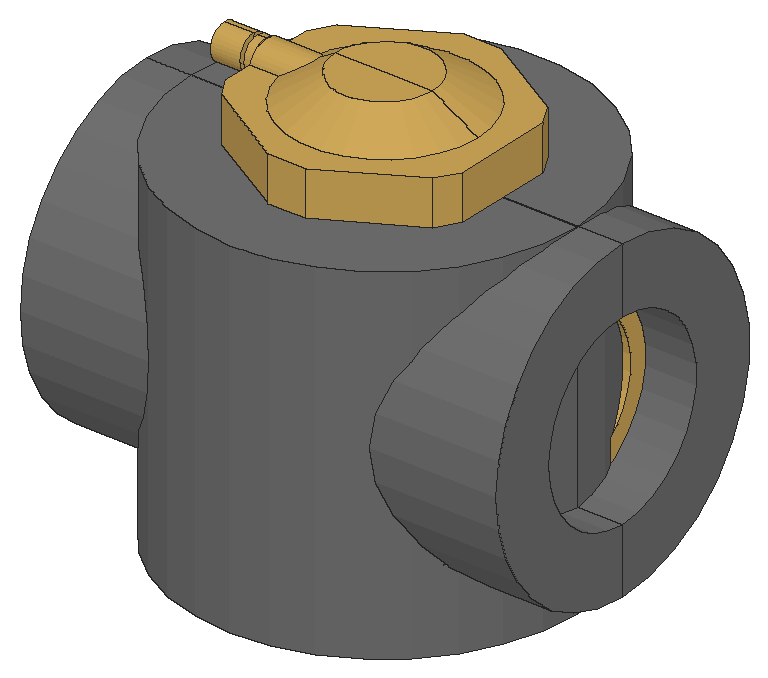
Revit family "Differenzdruckregler 4202 FIX 23kPa", category Rohrzubehör, Revit 2018
Family settings
  Bemaßung runder Anschluss = Durchmesser verwenden
  Teiletyp = Unterbricht
  OmniClass-Nummer = 23.65.55.14
  OmniClass-Titel = Valves for Liquid Services
  Arbeitsebenenbasiert = Nein
  Immer vertikal = Ja
  Beim Laden mit Abzugskörper schneiden = Nein
  Gemeinsam genutzt = Nein
Parameters (values of type "Mit Dämmung")
  y2 [instance] = K14 + K9 + H01  # 76.149 mm
  y1 [instance] = (R03 * 2) + R05  # 140.000 mm
  Min. Betriebstemperatur (Frostschutz) = -20 °C  # constant formula
  Max. zulässige Betriebstemperatur bis DN32 = 130 °C  # constant formula
  Max. zulässige Betriebstemperatur DN40 - DN50 = 110 °C  # constant formula
  Max. Differenzdruck am Gehäuse = 400000.0 Pa  # constant formula
  Max. Betriebsdruck = 2500000.0 Pa  # constant formula
  Ventilschaft = "Edelstahl 14301"  # constant formula
  URL = "www.herz-armaturen.at"
  SCRNSEQ = "ARM;ARM_TYP=\"DIFR\";2"
  SCRNCODE = "05;03;4"  # constant formula
  S06 [instance] = 1.000 mm  # constant formula
  S05 [instance] = S01 - 1.000 mm  # 27.500 mm
  S04 [instance] = S02 - 1.000 mm  # 27.000 mm
  S03 [instance] = size_lookup("4202_FIX_23", "S03", 26.500 mm, Nennweite)  # 37.700 mm
  S02 [instance] = size_lookup("4202_FIX_23", "S02", 19.000 mm, Nennweite)  # 28.000 mm
  S01 [instance] = size_lookup("4202_FIX_23", "S01", 17.250 mm, Nennweite)  # 28.500 mm
  Regleranschlussmutter = "Messing CW614N"  # constant formula
  Regelbereich = "FIX 23kPa"  # constant formula
  R06 [instance] = size_lookup("4202_FIX_23", "R06", 14.500 mm, Nennweite)  # 14.500 mm
  R05 [instance] = size_lookup("4202_FIX_23", "R05", 46.000 mm, Nennweite)  # 106.000 mm
  R04 [instance] = size_lookup("4202_FIX_23", "R04", 12.500 mm, Nennweite)  # 14.500 mm
  R03 [instance] = size_lookup("4202_FIX_23", "R03", 10.000 mm, Nennweite)  # 17.000 mm
  R02 = 14.500 mm  # constant formula
  R01 [instance] = size_lookup("4202_FIX_23", "R01", 12.500 mm, Nennweite)  # 33.500 mm
  Min. Betriebstemperatur (reines Wasser) = 2 °C  # constant formula
  O-Ringe = "EPDM"  # constant formula
  Nennweite [instance] = 50.000 mm
  Membrangehäuse = "Messing CW602N"  # constant formula
  Membrane = "EPDM"  # constant formula
  Medium = "Wasserbeschaffenheit nach ÖNORM H 5195 und VDI 2035\r\nDie Verwendung von Ethylen- und Propylenglykol ist im\r\nMischungsverhältnis 25 - 50 Vol.-% zulässig."
  L2 [instance] = size_lookup("4202_FIX_23", "L2", 161.000 mm, Nennweite)  # 216.500 mm
  L [instance] = size_lookup("4202_FIX_23", "L", 66.000 mm, Nennweite)  # 140.000 mm
  K9 = 4.000 mm  # constant formula
  K8 = 55.000 mm  # constant formula
  K7 = 8.700 mm  # constant formula
  K6 = 11.700 mm  # constant formula
  K5 = 13.000 mm  # constant formula
  K4 = 12.000 mm  # constant formula
  K3 = 15.000 mm  # constant formula
  K2 = 2.350 mm  # constant formula
  K18 = 89.000 mm  # constant formula
  K17 = 66.700 mm  # constant formula
  K16 = 3.000 mm  # constant formula
  K15 = 26.649 mm  # constant formula
  K14 = 16.649 mm  # constant formula
  K13 = 16.649 mm  # constant formula
  K12 = 10.000 mm  # constant formula
  K11 = 35.000 mm  # constant formula
  K10 = 18.250 mm  # constant formula
  K1.1 = 2.350 mm  # constant formula
  K1 = 7.651 mm  # constant formula
  J9 = 15.700 mm  # constant formula
  J8 = 7.850 mm  # constant formula
  J7 = 15.897 mm  # constant formula
  J6 = 3.900 mm  # constant formula
  J5 = 6.500 mm  # constant formula
  J4 = 1.500 mm  # constant formula
  J3 = 3.200 mm  # constant formula
  J2 = 11.000 mm  # constant formula
  J11 = 3.500 mm  # constant formula
  J10 = 18.897 mm  # constant formula
  J1 = 6.500 mm  # constant formula
  Hersteller = "HERZ-Armaturen Ges.m.b.H"  # constant formula
  H2 [instance] = size_lookup("4202_FIX_23", "H2", 28.000 mm, Nennweite)  # 58.000 mm
  H1 [instance] = K1 + K2 + K3 + K4 + K5 + K7 + K8 + K16 + 16.650 mm  # 133.351 mm
  H04 = 4.000 mm  # constant formula
  H03 = 9.800 mm  # constant formula
  H02 [instance] = size_lookup("4202_FIX_23", "H02", 53.000 mm, Nennweite)  # 107.000 mm
  H01 [instance] = size_lookup("4202_FIX_23", "H01", 25.000 mm, Nennweite)  # 55.500 mm
  Gehäuse = "DZR Messing CC770S"  # constant formula
  G03 [instance] = size_lookup("4202_FIX_23", "G03", 13.200 mm, Nennweite)  # 23.400 mm
  G02 [instance] = size_lookup("4202_FIX_23", "G02", 9.500 mm, Nennweite)  # 28.325 mm
  G01 [instance] = size_lookup("4202_FIX_23", "G01", 13.500 mm, Nennweite)  # 35.000 mm
  Hinweise zum Material = "Gemäß Art 33 der REACH-Verordnung (EG Nr. 1907/2006) sind wir verpflichtet, darauf hinzuweisen,\r\ndass der Stoff Blei auf der SVHC-Liste geführt wird und dass alle aus Messing bestehenden Bauteile,\r\ndie in unseren Erzeugnissen verarbeitet sind, mehr als 0,1 % (w/w) Blei (CAS: 7439-92-1 / EINECS:\r\n231-100-4) enthalten. Da Blei als Legierungsbestandteil fest gebunden ist, sind keine Expositionen zu\r\nerwarten und daher sind keine zusätzlichen Angaben zur sicheren Verwendung notwendig.\r\n\r\nIm Hanf enthaltenes Ammoniak schädigt\r\nMessingventilgehäuse, EPDM Dichtungen werden durch\r\nMineralöle bzw. mineralölhaltige Schmierstoffe aufgequollen\r\nund führen somit zum Ausfall der EPDM-Dichtungen. Für\r\nFrost- und Korrosionsschutzmittel auf der Basis von Ethylen- und Propylenglykol sind die entsprechenden\r\nAngaben den Unterlagen des Herstellers zu entnehmen."
  Dämmung = yes
  Dämmschale = "EPP (expandiertes Polypropylen)"  # constant formula
  Druckfeder = "Federstahl, rost-und säurebeständig"  # constant formula
  DN50 [instance] = Nennweite = 50.000 mm  # yes
  DN40 [instance] = Nennweite = 40.000 mm  # no
  DN32-40 [instance] = or(Nennweite = 32.000 mm, Nennweite = 40.000 mm)  # no
  DN32 [instance] = Nennweite = 32.000 mm  # no
  DN25,32,40 [instance] = or(Nennweite = 25.000 mm, Nennweite = 32.000 mm, Nennweite = 40.000 mm)  # no
  DN25 [instance] = Nennweite = 25.000 mm  # no
  DN20 [instance] = Nennweite = 20.000 mm  # no
  DN15-25 [instance] = or(Nennweite = 15.000 mm, Nennweite = 20.000 mm, Nennweite = 25.000 mm)  # no
  DN15,20,50 [instance] = or(Nennweite = 15.000 mm, Nennweite = 20.000 mm, Nennweite = 50.000 mm)  # yes
  DN15 [instance] = Nennweite = 15.000 mm  # no
  D07 [instance] = if(Nennweite = 15.000 mm, 32.500 mm, if(Nennweite = 20.000 mm, 33.500 mm, if(Nennweite = 25.000 mm, 33.500 mm, if(Nennweite = 32.000 mm, 49.500 mm, if(Nennweite = 40.000 mm, 59.500 mm, if(Nennweite = 50.000 mm, 59.500 mm, 0.000 mm))))))  # 59.500 mm
  D06 [instance] = if(Nennweite = 15.000 mm, 32.500 mm, if(Nennweite = 20.000 mm, 33.500 mm, if(Nennweite = 25.000 mm, 33.500 mm, if(Nennweite = 32.000 mm, 49.500 mm, if(Nennweite = 40.000 mm, 59.500 mm, if(Nennweite = 50.000 mm, 59.500 mm, 0.000 mm))))))  # 59.500 mm
  D05 [instance] = if(Nennweite = 15.000 mm, 36.750 mm, if(Nennweite = 20.000 mm, 40.700 mm, if(Nennweite = 25.000 mm, 49.200 mm, if(Nennweite = 32.000 mm, 54.150 mm, if(Nennweite = 40.000 mm, 60.750 mm, if(Nennweite = 50.000 mm, 72.700 mm, 0.000 mm))))))  # 72.700 mm
  D04 [instance] = if(Nennweite = 15.000 mm, 78.500 mm, if(Nennweite = 20.000 mm, 82.000 mm, if(Nennweite = 25.000 mm, 84.000 mm, if(Nennweite = 32.000 mm, 120.000 mm, if(Nennweite = 40.000 mm, 130.000 mm, if(Nennweite = 50.000 mm, 130.500 mm, 0.000 mm))))))  # 130.500 mm
  D03 [instance] = if(Nennweite = 15.000 mm, 96.000 mm, if(Nennweite = 20.000 mm, 110.000 mm, if(Nennweite = 25.000 mm, 112.000 mm, if(Nennweite = 32.000 mm, 152.000 mm, if(Nennweite = 40.000 mm, 170.000 mm, if(Nennweite = 50.000 mm, 179.000 mm, 0.000 mm))))))  # 179.000 mm
  D02 [instance] = size_lookup("4202_FIX_23", "R05", 41.000 mm, Nennweite)  # 106.000 mm
  D01 [instance] = size_lookup("4202_FIX_23", "G01", 13.220 mm, Nennweite)  # 35.000 mm
  Bestellnummer Dämmung [instance] = if(and(Dämmung, Nennweite = 15.000 mm), 1409611, if(and(Dämmung, Nennweite = 20.000 mm), 1409612, if(and(Dämmung, Nennweite = 25.000 mm), 1409613, if(and(Dämmung, Nennweite = 32.000 mm), 1409614, if(and(Dämmung, Nennweite = 40.000 mm), 1409615, if(and(Dämmung, Nennweite = 50.000 mm), 1409616, 0))))))  # 1409616
  Bestellnummer [instance] = if(Nennweite = 15.000 mm, 1420221, if(Nennweite = 20.000 mm, 1420222, if(Nennweite = 25.000 mm, 1420223, if(Nennweite = 32.000 mm, 1420224, if(Nennweite = 40.000 mm, 1420225, if(Nennweite = 50.000 mm, 1420226, 0))))))  # 1420226
  B2 [instance] = size_lookup("4202_FIX_23", "B2", 31.000 mm, Nennweite)  # 41.000 mm
  B1 [instance] = size_lookup("4202_FIX_23", "B1", 26.000 mm, Nennweite)  # 41.000 mm
  B04 = 100.649 mm  # constant formula
  B03 = 44.500 mm  # constant formula
  B02 = 104.688 mm  # constant formula
  B01 = 10.000 mm  # constant formula
  Anwendungsgebiet = "Der Differenzdruckregler ist ein Regler mit linearer Kennlinie in Geradsitzausführung und arbeitet ohne Hilfsenergie. Der Differenzdruck-Sollwert beträgt 23 kPa, 50 kPa bzw 13 kPa. Im Lieferumfang enthalten ist die Impulsleitung (1000 mm), diese ist mit einem Strangregulierventil im Vorlauf zu verbinden."
  Anschlussnippel = "Messing CW602N"  # constant formula
Types (3, lengths in mm): name | y2 | y1 | S05 | S04 | S03 | S02 | S01 | R05 | R04 | R03 | R01 | Nennweite | L2 | L | H2 | H02 | H01 | G03 | G02 | G01 | Dämmung | DN50 | DN15-25 | DN15 | D07 | D06 | D05 | D04 | D03 | D02 | D01 | Bestellnummer Dämmung | Bestellnummer | B2 | B1
  (no name) | 76.149 | 140.000 | 27.500 | 27.000 | 37.700 | 28.000 | 28.500 | 106.000 | 14.500 | 17.000 | 33.500 | 50.000 | 216.500 | 140.000 | 58.000 | 107.000 | 55.500 | 23.400 | 28.325 | 35.000 | yes | yes | no | no | 59.500 | 59.500 | 72.700 | 130.500 | 179.000 | 106.000 | 35.000 | 1409616 | 1420226 | 41.000 | 41.000
  Mit Dämmung | 76.149 | 140.000 | 27.500 | 27.000 | 37.700 | 28.000 | 28.500 | 106.000 | 14.500 | 17.000 | 33.500 | 50.000 | 216.500 | 140.000 | 58.000 | 107.000 | 55.500 | 23.400 | 28.325 | 35.000 | yes | yes | no | no | 59.500 | 59.500 | 72.700 | 130.500 | 179.000 | 106.000 | 35.000 | 1409616 | 1420226 | 41.000 | 41.000
  Ohne Dämmung | 49.149 | 66.000 | 16.250 | 18.000 | 25.600 | 19.000 | 17.250 | 46.000 | 12.500 | 10.000 | 12.500 | 15.000 | 161.000 | 66.000 | 28.000 | 53.000 | 28.500 | 13.200 | 9.500 | 13.500 | no | no | yes | yes | 32.500 | 32.500 | 36.750 | 78.500 | 96.000 | 46.000 | 13.500 | 0 | 1420221 | 31.000 | 26.000
Reference planes
  plane 1 "Mitte (Vorne/hinten)": y = 0
  plane 2: z = 0
  plane 3 "Mitte (Links/rechts)": x = 0
Forms (mm)
  Revolve 1, solid, material "Messing, weicher Gelbton, geschweißt", detail levels fine
    sketch origin (0, 0, 0) x (1, 0, 0) y (0, 0, 1)
      loop
        line (-46.6, 0) -> (46.6, 0) -> (46.6, 28.325) -> (70, 28.325) -> (70, 35) -> (53, 35) -> (53, 33.5) -> (-53, 33.5) -> (-53, 35) -> (-70, 35) -> (-70, 28.325) -> (-46.6, 28.325) -> (-46.6, 0)
      axis (-70, 0) -> (70, 0)
    angle from 0 to 360
  Revolve 2, solid, material "Messing, weicher Gelbton, geschweißt", detail levels fine
    sketch origin (0, 0, 0) x (1, 0, 0) y (0, 0, 1)
      loop
        line (0, -58) -> (0, 0) -> (-27, 0) -> (-27, -48.2) -> (-28, -48.2) -> (-28, -58) -> (0, -58)
      axis (0, 0) -> (0, -58)
    angle from 0 to 360
  Extrusion 3, solid, material "Messing, weicher Gelbton, geschweißt", detail levels fine
    sketch origin (0, 0, 0) x (0, -1, 0) y (1, 0, 0)
      loop
        line (-46, -7.038) -> (-27.114, -39.75) -> (-18.886, -44.5) -> (18.886, -44.5) -> (27.114, -39.75) -> (46, -7.038) -> (46, 7.038) -> (27.114, 39.75) -> (18.886, 44.5) -> (-18.886, 44.5) -> (-27.114, 39.75) -> (-46, 7.038) -> (-46, -7.038)
    from 59.5 to 76.149
  Revolve 4, solid, material "Messing, weicher Gelbton, geschweißt", detail levels fine
    sketch origin (0, 0, -7.051) x (1, 0, 0) y (0, 0, 1)
      loop
        line (0, 83.2) -> (0, 93.2) -> (-18.25, 93.2) -> (-35, 83.2) -> (0, 83.2)
      axis (0, 93.2) -> (0, 83.2)
    angle from 0 to 360
  Revolve 5, solid, material "Messing, weicher Gelbton, geschweißt", visible <- "DN15-25", detail levels fine
    sketch origin (-11, 0, 0) x (1, 0, 0) y (0, 1, 0)
      loop
        line (-3.5, 41) -> (-11.2, 41) -> (-11.2, 0) -> (-3.5, 0) -> (-3.5, 41)
      axis (-3.5, 0) -> (-3.5, 41)
    angle from 0 to 360
  Revolve 6, solid, material "Messing, weicher Gelbton, geschweißt", detail levels fine
    sketch origin (-0.988, 0, -6.853) x (-1, 0, 0) y (0, 0, 1)
      loop
        line (43.5, 82.25) -> (59.2, 82.25) -> (59.2, 88.75) -> (48.2, 88.75) -> (48.2, 86.15) -> (46.7, 86.15) -> (46.7, 88.75) -> (43.5, 88.75) -> (43.5, 82.25)
      axis (43.5, 82.25) -> (59.2, 82.25)
    angle from 0 to 360
  Extrusion 7, solid, material "Messing, weicher Gelbton, geschweißt", detail levels fine
    sketch origin (0, 0, 0) x (0, 1, 0) y (0, 0, -1)
      loop
        line (7.85, -74.047) -> (7.85, -63) -> (-7.85, -63) -> (-7.85, -74.047)
        arc (-7.85, -74.047) -> (0, -81.897) -> (7.85, -74.047) r 7.85
    from 0 to 44.5
  Revolve 8, solid, material "Messing, weicher Gelbton, geschweißt", visible <- "DN15-25", detail levels fine
    sketch origin (-2, 0, 0) x (1, 0, 0) y (0, 1, 0)
      loop
        line (-12.5, 0) -> (-21.5, 0) -> (-21.5, -41) -> (-12.5, -41) -> (-12.5, 0)
      axis (-12.5, 0) -> (-12.5, -41)
    angle from 0 to 360
  Revolve 9, solid, material "Messing, weicher Gelbton, geschweißt", visible <- "DN15-25", detail levels fine
    sketch origin (2, 0, 0) x (1, 0, 0) y (0, 1, 0)
      loop
        line (12.5, 0) -> (12.5, -41) -> (21.6, -41) -> (21.6, 0) -> (12.5, 0)
      axis (12.5, 0) -> (12.5, -41)
    angle from 0 to 360
  Extrusion 10, solid, material "Messing, weicher Gelbton, geschweißt", visible <- "DN32", detail levels fine
    sketch origin (-31.5, 0, 0) x (1, 0, 0) y (0, 1, 0)
      loop
        circle (63, 0) r 6.578
      loop
        circle (63, 0) r 3.28
    from -47 to 0
  Extrusion 11, solid, material "Messing, weicher Gelbton, geschweißt", visible <- "DN32", detail levels fine
    sketch origin (31.5, 0, 0) x (-1, 0, 0) y (0, -1, 0)
      loop
        circle (63, 0) r 6.578
      loop
        circle (63, 0) r 3.28
    from -47 to 0
  Revolve 12, solid, material "Messing, weicher Gelbton, geschweißt", detail levels fine
    sketch origin (0, 0, 0) x (1, 0, 0) y (0, 0, 1)
      loop
        line (-27.5, 0) -> (0, 0) -> (0, 59.5) -> (-23.5, 59.5) -> (-23.5, 55.5) -> (-28.5, 55.5) -> (-28.5, 45.7) -> (-27.5, 45.7) -> (-27.5, 0)
      axis (0, 59.5) -> (0, 0)
    angle from 0 to 360
  Extrusion 13, solid, material "Messing, weicher Gelbton, geschweißt", visible <- "DN40", detail levels fine
    sketch origin (29.382, 0, 0) x (-1, 0, 0) y (0, -1, 0)
      loop
        circle (63, 0) r 6.578
      loop
        circle (63, 0) r 3.28
    from -58 to 0
  Extrusion 14, solid, material "Messing, weicher Gelbton, geschweißt", visible <- "DN40", detail levels fine
    sketch origin (-29.455, 0, 0) x (1, 0, 0) y (0, 1, 0)
      loop
        circle (63, 0) r 6.578
      loop
        circle (63, 0) r 3.28
    from -58 to 0
  Extrusion 15, solid, material "Messing, weicher Gelbton, geschweißt", visible <- "DN50", detail levels fine
    sketch origin (28.422, 0, 0) x (-1, 0, 0) y (0, -1, 0)
      loop
        circle (63, 0) r 6.578
      loop
        circle (63, 0) r 3.28
    from -58 to 0
  Extrusion 16, solid, material "Messing, weicher Gelbton, geschweißt", visible <- "DN50", detail levels fine
    sketch origin (-28.422, 0, 0) x (1, 0, 0) y (0, 1, 0)
      loop
        circle (63, 0) r 6.578
      loop
        circle (63, 0) r 3.28
    from -58 to 0
  Revolve 17, solid, material "Messing, weicher Gelbton, geschweißt", visible <- "DN32-40", detail levels fine
    sketch origin (-11, 0, 0) x (1, 0, 0) y (0, 1, 0)
      loop
        line (-3.5, -41) -> (-3.5, 0) -> (-11.2, 0) -> (-11.2, -41) -> (-3.5, -41)
      axis (-3.5, 0) -> (-3.5, -41)
    angle from 0 to 360
  Revolve 18, solid, material "Kunststoff-Anthrazit/Schwarz", visible <- "Dämmung"
    sketch origin (0, 0, 0) x (1, 0, 0) y (0, 0, 1)
      loop
        line (0, -71) -> (72.7, -71) -> (72.7, 59.5) -> (0, 59.5) -> (0, -71)
      axis (0, 59.5) -> (0, -71)
    angle from 0 to 360
  Revolve 19, solid, material "Kunststoff-Anthrazit/Schwarz", visible <- "Dämmung"
    sketch origin (0, 0, 0) x (1, 0, 0) y (0, 0, 1)
      loop
        line (-89.5, 59.5) -> (-89.5, 35) -> (-53, 35) -> (-53, 0) -> (0, 0) -> (53, 0) -> (53, 35) -> (89.5, 35) -> (89.5, 59.5) -> (-89.5, 59.5)
      axis (-89.5, 0) -> (89.5, 0)
    angle from 0 to 360
Lines and regions (mm)
  model lines, detail levels coarse+medium
    curve 1: line (70, -35, 0) -> (70, 35, 0)
    curve 2: line (70, 35, 0) -> (-70, -35, 0)
    curve 3: line (-70, -35, 0) -> (-70, 35, 0)
    curve 4: line (-70, 35, 0) -> (70, -35, 0)
    curve 5: line (0, -45.5, 0) -> (0, -59.5, 0)
    curve 6: spline (-44.5, -67.824, 0) -> (-42.984, -65.67, 0) -> (-38.538, -63.662, 0) -> (-31.466, -61.938, 0) -> (-22.25, -60.615, 0) -> (-11.517, -59.784, 0) -> (0, -59.5, 0) -> (11.517, -59.784, 0) -> (22.25, -60.615, 0) -> (31.466, -61.938, 0) -> (38.538, -63.662, 0) -> (42.984, -65.67, 0) -> (44.5, -67.825, 0) -> (42.984, -69.979, 0) -> (38.538, -71.987, 0) -> (31.466, -73.711, 0) -> (22.25, -75.034, 0) -> (11.517, -75.865, 0) -> (0, -76.149, 0) -> (-11.517, -75.865, 0) -> (-22.25, -75.034, 0) -> (-31.466, -73.711, 0) -> (-38.538, -71.987, 0) -> (-42.984, -69.979, 0) -> (-44.5, -67.824, 0)
    curve 7: line (0, 0, 35) -> (0, 0, 59.5)
    curve 8: spline (-44.5, 0, 67.825) -> (-42.984, 0, 69.979) -> (-38.538, 0, 71.987) -> (-31.466, 0, 73.711) -> (-22.25, 0, 75.034) -> (-11.517, 0, 75.865) -> (0, 0, 76.149) -> (11.517, 0, 75.865) -> (22.25, 0, 75.034) -> (31.466, 0, 73.711) -> (38.538, 0, 71.987) -> (42.984, 0, 69.979) -> (44.5, 0, 67.824) -> (42.984, 0, 65.67) -> (38.538, 0, 63.662) -> (31.466, 0, 61.938) -> (22.25, 0, 60.615) -> (11.517, 0, 59.784) -> (0, 0, 59.5) -> (-11.517, 0, 59.784) -> (-22.25, 0, 60.615) -> (-31.466, 0, 61.938) -> (-38.538, 0, 63.662) -> (-42.984, 0, 65.67) -> (-44.5, 0, 67.825)
    curve 9: line (0, 0, 35) -> (35, 0, 17.5)
    curve 10: line (0, 0, 35) -> (-35, 0, 17.5)
    curve 11: line (0, -45.5, 0) -> (-18.2, -9.1, 0)
    curve 12: line (0, -45.5, 0) -> (18.2, -9.1, 0)
    curve 13: line (-70, 0, 35) -> (70, 0, -35)
    curve 14: line (70, 0, -35) -> (70, 0, 35)
    curve 15: line (70, 0, 35) -> (-70, 0, -35)
    curve 16: line (-70, 0, -35) -> (-70, 0, 35)
Dimensions and locks
  "G01": Revolve 1 sketch curve to Revolve 1 sketch curve  (x2)
  "R01": Revolve 1 sketch curve to Revolve 1 sketch curve
  "R03": Revolve 1 sketch curve to Revolve 1 sketch curve  (x2)
  "K10": Revolve 4 sketch curve to Revolve 4 sketch curve
  "K11": Revolve 4 sketch curve to Revolve 4 sketch curve
  "B1": Revolve 5 sketch curve to Revolve 5 sketch curve
  "J1": Revolve 6 sketch curve to Revolve 6 sketch curve
  "J3": Revolve 6 sketch curve to Revolve 6 sketch curve
  "J4": Revolve 6 sketch curve to Revolve 6 sketch curve
  "J2": Revolve 6 sketch curve to Revolve 6 sketch curve
  "J5": Revolve 6 sketch curve to Revolve 6 sketch curve
  "J6": Revolve 6 sketch curve to Revolve 6 sketch curve
  "H2": plane 2 to Revolve 2 sketch curve
  "H03": Revolve 2 sketch curve to Revolve 2 sketch curve
  "S02": plane 3 "Mitte (Links/rechts)" to Revolve 2 sketch curve
  "B02": Revolve 6 to Extrusion 3
  "B03": Extrusion 3 to plane 3 "Mitte (Links/rechts)"
  "R04": Revolve 5 sketch curve to plane 3 "Mitte (Links/rechts)"
  "K12": Revolve 4 sketch curve to Revolve 4 sketch curve
  "K13": Revolve 4 sketch curve to Extrusion 3
  "K14": Extrusion 3 to Extrusion 3
  "R05": Revolve 1 sketch curve to Revolve 1 sketch curve
  equal spacing: Revolve 1 sketch curve, plane 3 "Mitte (Links/rechts)", Revolve 1 sketch curve
  "B2": plane 1 "Mitte (Vorne/hinten)" to Revolve 8 sketch curve
  "B2": Revolve 9 sketch curve to plane 1 "Mitte (Vorne/hinten)"
  "R06": Revolve 8 sketch curve to plane 3 "Mitte (Links/rechts)"
  "R06": plane 3 "Mitte (Links/rechts)" to Revolve 9 sketch curve
  "S01": Revolve 12 sketch curve to plane 3 "Mitte (Links/rechts)"
  "S05": plane 3 "Mitte (Links/rechts)" to Revolve 12 sketch curve
  "H04": Revolve 12 sketch curve to Revolve 12 sketch curve
  "H03": Revolve 12 sketch curve to Revolve 12 sketch curve
  "H01": Revolve 12 sketch curve to plane 2
  "K9": Extrusion 3 to Revolve 12
  "S06": Revolve 2 sketch curve to Revolve 2 sketch curve
  "J7": Revolve 6 sketch curve to Extrusion 3
  "J9": Extrusion 7 sketch curve to Extrusion 7 sketch curve
  "J10": Revolve 6 to Extrusion 7 sketch curve
  "J11": Extrusion 7 sketch curve to Extrusion 3
  "K18": Extrusion 3 to Extrusion 3
  "K18": curve 8 to curve 8
  "G01": curve 10 to plane 2
  "K14": curve 8 to curve 8
  "y2": curve 8 to plane 2
  "G01": plane 1 "Mitte (Vorne/hinten)" to curve 4
  "G01": curve 3 to plane 1 "Mitte (Vorne/hinten)"
  equal spacing: curve 3, curve 8, curve 1
  equal spacing: curve 3, curve 12, curve 1
  "y1": curve 3 to curve 1
  "G01": plane 1 "Mitte (Vorne/hinten)" to curve 2
  "G01": curve 4 to plane 1 "Mitte (Vorne/hinten)"
  "K18": curve 6 to curve 6
  "K14": curve 6 to curve 6
  "y2": curve 6 to plane 1 "Mitte (Vorne/hinten)"
  "B1": Revolve 17 sketch curve to Revolve 17 sketch curve
  "R04": Revolve 17 sketch curve to plane 3 "Mitte (Links/rechts)"
  "G02": Revolve 1 sketch curve to plane 2  (x2)
  "G03": Revolve 1 sketch curve to Revolve 1 sketch curve  (x2)
  Revolve 1 sketch curve to Revolve 1 sketch curve = 140.000 mm
  equal spacing: curve 10, plane 3 "Mitte (Links/rechts)", curve 9
  "L": curve 14 to curve 16
  equal spacing: curve 14, curve 6, curve 16
  equal spacing: curve 14, curve 9, curve 10, curve 10, curve 16
  "G01": curve 16 to plane 2
  "G01": plane 2 to curve 16
  "G01": curve 15 to plane 2
  "G01": plane 2 to curve 14
  "D06": Revolve 18 sketch curve to plane 2
  "D04": Revolve 18 sketch curve to Revolve 18 sketch curve
  "D05": Revolve 18 sketch curve to Revolve 18 sketch curve
  "D07": Revolve 19 sketch curve to plane 2
  "D01": Revolve 19 sketch curve to plane 2  (x2)
  "D02": Revolve 19 sketch curve to Revolve 19 sketch curve
  "D03": Revolve 19 sketch curve to Revolve 19 sketch curve
  equal spacing: Revolve 19 sketch curve, plane 3 "Mitte (Links/rechts)", Revolve 19 sketch curve  (x2)
  "J8": radius of Extrusion 7 sketch curve
  aligned and locked: level to plane 2
Automatic sketch dimensions
  plane 3 "Mitte (Links/rechts)" to Extrusion 3 sketch curve = 7.038 mm  (x2)
  Extrusion 3 sketch curve to plane 1 "Mitte (Vorne/hinten)" = 46.000 mm
  Extrusion 3 sketch curve to plane 1 "Mitte (Vorne/hinten)" = 27.114 mm  (x2)
  Extrusion 3 sketch curve to Extrusion 3 sketch curve = 8.227 mm  (x4)
  plane 1 "Mitte (Vorne/hinten)" to Extrusion 3 sketch curve = 18.886 mm  (x2)
  Extrusion 3 sketch curve to Extrusion 3 sketch curve = 18.886 mm
  Extrusion 3 sketch curve to plane 3 "Mitte (Links/rechts)" = 7.038 mm  (x2)
  Extrusion 3 sketch curve to Extrusion 3 sketch curve = 32.712 mm  (x4)
  Extrusion 3 sketch curve to Extrusion 3 sketch curve = 4.750 mm  (x2)
  Extrusion 10 sketch curve to Extrusion 10 sketch curve = 0.000 mm  (x2)
  plane 1 "Mitte (Vorne/hinten)" to Extrusion 10 sketch curve = 0.000 mm
  plane 3 "Mitte (Links/rechts)" to Extrusion 10 sketch curve = 31.500 mm
  Extrusion 11 sketch curve to Extrusion 11 sketch curve = 0.000 mm  (x2)
  plane 1 "Mitte (Vorne/hinten)" to Extrusion 11 sketch curve = 0.000 mm
  plane 3 "Mitte (Links/rechts)" to Extrusion 11 sketch curve = 31.500 mm
  Extrusion 13 sketch curve to Extrusion 13 sketch curve = 0.000 mm  (x2)
  plane 1 "Mitte (Vorne/hinten)" to Extrusion 13 sketch curve = 0.000 mm
  plane 3 "Mitte (Links/rechts)" to Extrusion 13 sketch curve = 33.618 mm
  Extrusion 14 sketch curve to Extrusion 14 sketch curve = 0.000 mm  (x2)
  plane 1 "Mitte (Vorne/hinten)" to Extrusion 14 sketch curve = 0.000 mm
  plane 3 "Mitte (Links/rechts)" to Extrusion 14 sketch curve = 33.545 mm
  Extrusion 15 sketch curve to Extrusion 15 sketch curve = 0.000 mm  (x2)
  plane 1 "Mitte (Vorne/hinten)" to Extrusion 15 sketch curve = 0.000 mm
  plane 3 "Mitte (Links/rechts)" to Extrusion 15 sketch curve = 34.578 mm
  Extrusion 16 sketch curve to Extrusion 16 sketch curve = 0.000 mm  (x2)
  plane 1 "Mitte (Vorne/hinten)" to Extrusion 16 sketch curve = 0.000 mm
  plane 3 "Mitte (Links/rechts)" to Extrusion 16 sketch curve = 34.578 mm
  curve 8 to plane 3 "Mitte (Links/rechts)" = 0.000 mm
  curve 11 to plane 3 "Mitte (Links/rechts)" = 0.000 mm
  curve 6 to plane 3 "Mitte (Links/rechts)" = 0.000 mm
  curve 5 to curve 12 = 14.000 mm
  Revolve 1 sketch curve to level = 0.000 mm  (x2)
  Revolve 1 sketch curve to Revolve 1 sketch curve = 1473.530 mm
  Revolve 1 sketch curve to Revolve 1 sketch curve = 1806.148 mm
  Revolve 2 sketch curve to level = 0.000 mm
  Revolve 2 sketch curve to plane 3 "Mitte (Links/rechts)" = 0.000 mm  (x2)
  Revolve 2 sketch curve to Revolve 2 sketch curve = 1.000 mm
  Revolve 2 sketch curve to Revolve 2 sketch curve = 334.045 mm
  level to Revolve 2 sketch curve = 2218.015 mm
  Revolve 4 sketch curve to plane 3 "Mitte (Links/rechts)" = 0.000 mm  (x2)
  Revolve 4 sketch curve to level = 373.096 mm
  Revolve 4 sketch curve to Revolve 4 sketch curve = 2155.315 mm
  plane 1 "Mitte (Vorne/hinten)" to Revolve 5 sketch curve = 0.000 mm  (x2)
  Revolve 5 sketch curve to Revolve 5 sketch curve = 0.000 mm  (x2)
  Revolve 5 sketch curve to Revolve 5 sketch curve = 7.700 mm
  plane 3 "Mitte (Links/rechts)" to Revolve 6 sketch curve = 44.488 mm
  Revolve 6 sketch curve to Revolve 6 sketch curve = 0.000 mm  (x3)
  Extrusion 7 sketch curve to plane 1 "Mitte (Vorne/hinten)" = 0.000 mm
  Extrusion 7 sketch curve to Extrusion 7 sketch curve = 11.047 mm
  Extrusion 7 sketch curve to Extrusion 7 sketch curve = 0.000 mm
  plane 1 "Mitte (Vorne/hinten)" to Revolve 8 sketch curve = 0.000 mm  (x2)
  Revolve 8 sketch curve to Revolve 8 sketch curve = 9.000 mm
  Revolve 8 sketch curve to Revolve 8 sketch curve = 0.000 mm  (x2)
  plane 1 "Mitte (Vorne/hinten)" to Revolve 9 sketch curve = 0.000 mm  (x2)
  Revolve 9 sketch curve to Revolve 9 sketch curve = 9.100 mm
  Revolve 9 sketch curve to Revolve 9 sketch curve = 0.000 mm  (x2)
  Revolve 12 sketch curve to level = 0.000 mm  (x2)
  Revolve 12 sketch curve to plane 3 "Mitte (Links/rechts)" = 0.000 mm  (x2)
  Revolve 12 sketch curve to Revolve 12 sketch curve = 5.000 mm
  Revolve 12 sketch curve to Revolve 12 sketch curve = 0.000 mm
  plane 1 "Mitte (Vorne/hinten)" to Revolve 17 sketch curve = 0.000 mm  (x2)
  Revolve 17 sketch curve to Revolve 17 sketch curve = 7.700 mm
  Revolve 17 sketch curve to Revolve 17 sketch curve = 0.000 mm  (x2)
  Revolve 18 sketch curve to plane 3 "Mitte (Links/rechts)" = 0.000 mm  (x2)
  Revolve 18 sketch curve to Revolve 18 sketch curve = 13.423 mm
  Revolve 18 sketch curve to Revolve 18 sketch curve = 0.000 mm
  Revolve 19 sketch curve to level = 0.000 mm  (x2)
  Revolve 19 sketch curve to plane 3 "Mitte (Links/rechts)" = 0.000 mm
  Revolve 19 sketch curve to Revolve 19 sketch curve = 0.000 mm  (x2)
  radius of Extrusion 10 sketch curve = 6.578 mm
  radius of Extrusion 10 sketch curve = 3.280 mm
  radius of Extrusion 11 sketch curve = 6.578 mm
  radius of Extrusion 11 sketch curve = 3.280 mm
  radius of Extrusion 13 sketch curve = 6.578 mm
  radius of Extrusion 13 sketch curve = 3.280 mm
  radius of Extrusion 14 sketch curve = 6.578 mm
  radius of Extrusion 14 sketch curve = 3.280 mm
  radius of Extrusion 15 sketch curve = 6.578 mm
  radius of Extrusion 15 sketch curve = 3.280 mm
  radius of Extrusion 16 sketch curve = 6.578 mm
  radius of Extrusion 16 sketch curve = 3.280 mm
Nested families
  nested 1: "Herz-Logo-vorne" at (-0.018, 17.815, -12.904) x (0, -1, 0) z (0, 0, 1), type "Herz-Logo-vorne", detail levels fine
  nested 2: "Herz-Logo-vorne" at (-0.018, 24.058, 0) x (0, -1, 0) z (0, 0, 1), visible <- "DN32", type "Herz-Logo-vorne", detail levels fine
  nested 3: "Herz-Logo-vorne" at (-0.018, 33.471, 0) x (0, -1, 0) z (0, 0, 1), visible <- "DN50", type "Herz-Logo-vorne", detail levels fine
  nested 4: "Herz-Logo-vorne" at (-0.018, 26.482, 0) x (0, -1, 0) z (0, 0, 1), visible <- "DN40", type "Herz-Logo-vorne", detail levels fine
Connectors
  piping at (70, 0, 0), diameter 50, driven by "Nennweite"
    settings: on Revolve 1, index 1, connector inside diameter 609.6 mm, connector length 0.000 mm, flow factor 0, pipe flow 0.0 L/s, pressure drop 0.0 Pa, fitting loss kfactor 0, connector angle 0.00°, fixture units 0, engagement length 0.000 mm, angle of deflection 0.00°, flow configuration 0, flow direction 2, fitting loss method 0, system type 29, joint type 0, gender type 0, connector reference index -1, connector utility 0, adjustable connector no, is connector primary yes, connector description ""
  piping at (-70, 0, 0), diameter 50, driven by "Nennweite"
    settings: on Revolve 1, index 2, connector inside diameter 609.6 mm, connector length 0.000 mm, flow factor 0, pipe flow 0.0 L/s, pressure drop 0.0 Pa, fitting loss kfactor 0, connector angle 0.00°, fixture units 0, engagement length 0.000 mm, angle of deflection 0.00°, flow configuration 0, flow direction 1, fitting loss method 0, system type 7, joint type 0, gender type 0, connector reference index -1, connector utility 0, adjustable connector no, is connector primary no, connector description ""
Definition of nested family "Herz-Logo-vorne"
  Reference planes
    plane 1 "Mitte (Vorne/hinten)": y = 0
    plane 2: z = 0
    plane 3 "Mitte (Links/rechts)": x = 0
  Forms (mm)
    Extrusion 1, solid
      sketch origin (0.732, -0.018, 0.017) x (0, -1, 0) y (0, 0, 1)
        loop
          line (-0.018, -4.517) -> (4.482, -4.517) -> (4.482, 4.483) -> (-4.518, 4.483) -> (-4.518, -4.517) -> (-0.018, -4.517)
        loop
          line (-0.05, -3.48) -> (3.482, -3.48) -> (3.482, 3.483) -> (-3.518, 3.483) -> (-3.518, -3.48) -> (-0.05, -3.48)
        loop
          arc (-0.018, 2.383) -> (-1.543, 3.287) -> (-3.067, 2.383) r 1.738
          arc (-3.067, 2.383) -> (-3.191, 1.899) -> (-3.067, 1.415) r 1.009
          line (-3.067, 1.415) -> (-0.018, -3.281) -> (3.032, 1.415)
          arc (3.032, 1.415) -> (3.156, 1.899) -> (3.032, 2.383) r 1.009
          arc (3.032, 2.383) -> (1.507, 3.287) -> (-0.018, 2.383) r 1.738
        loop
          arc (1.885, 1.272) -> (2.005, 1.675) -> (1.885, 2.079) r 0.74
          arc (1.885, 2.079) -> (1.265, 2.416) -> (0.644, 2.079) r 0.74
          line (0.644, 2.079) -> (-0.018, 0.97) -> (-0.679, 2.079)
          arc (-0.679, 2.079) -> (-1.3, 2.416) -> (-1.921, 2.079) r 0.74
          arc (-1.921, 2.079) -> (-2.04, 1.675) -> (-1.921, 1.272) r 0.74
          line (-1.921, 1.272) -> (-0.018, -1.658) -> (1.885, 1.272)
      from 0 to 1.5
  Dimensions and locks
    aligned and locked: level to plane 2
